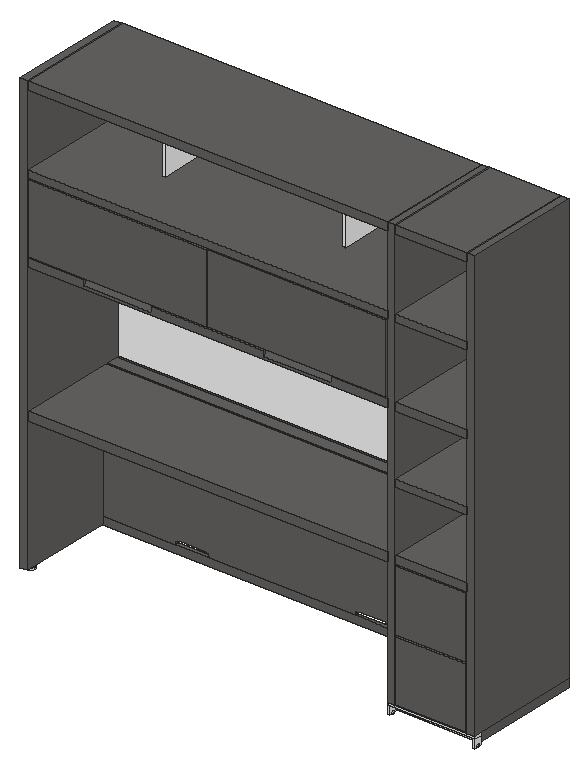
Revit family "Storage-Wall-Teknion-ZXRO_90_High_Without_Lights-R2011", category Furniture Systems, Revit 2013
Parameters (values of type "(See Type Catalog)")
  Working Wall Finish [instance] = Glass - Teknion - K6 - White Backpainted
  Width = 92.642"
  Warranty = "http://www.teknionstudio.com/pdfs/Teknion%20Studio%20Warranty.pdf"
  Wall Unit Finish [instance] = Veneer - Teknion - P7 - Grey Oak
  Unit Weight = 755.00 lbf
  URL = "www.teknionstudio.com"
  Storage Tower = Storage-Unit-Teknion-Tower : Upper Shelves & File/File Pedestal
  Series = "B&B Italia"
  Product Page URL = "http://www.teknionstudio.com/acexecutive/"
  Product Line = "AC Executive"
  Product Documentation Link = "http://www.teknionstudio.com/pricing/ac_executive_storage_walls_ppg.pdf"
  Part Number = "ZXRO"
  Model = ""
  Manufacturer Phone = "919-464-2920"
  Manufacturer Fax = "919-464-2927"
  Manufacturer Email = "customersupport@teknionstudio.com"
  Manufacturer Address = "3940 US 70 Business HWY West, Clayton, NC 27520"
  Manufacturer = "Teknion Studio"  # constant formula
  Low Emitting Material = yes
  Low Emitting Finish = yes
  Height = 90"
  Description = ""
  Depth = 24"
  Assembly Code = "E2020200"
Reference planes (in)
  plane 1 "Center F/B": y = 0
  plane 2: z = 0
  plane 3 "Center L/R": x = 0
  plane 4 "Left": x = -46.321
  plane 5 "Right": x = 46.321
  plane 6 "Back": y = 12
  plane 7 "Front": y = -12
  plane 8 "Top": z = 73.84375
  plane 9: x = 28.60446
  plane 10: z = 29.68402
  plane 11: z = 56.1289
  plane 12: x = -44.7815
  plane 13: z = 2.1289
  plane 14: x = -8.08858
  plane 15 "Foot Centerline": y = -11.2126
  plane 16 "Foot Centerline Front": y = -10.22835
  plane 17 "Foot Centerline Back": y = 10.22835
  plane 18: y = -8.484
  plane 19: z = 90
Forms (in)
  Sweep 1, solid, material "Veneer - Teknion - P7 - Grey Oak" <- "Wall Unit Finish"
    path origin (0, 0, 15.40683) x (-1, 0, 0) y (0, -1, 0)
      loop
        line (0, -12) -> (0, 12)
    profile origin (0, 0, 15.40683) x (1, 0, 0) y (0, 0, 1)
      loop
        line (-46.321, -14.81732) -> (-44.7815, -14.81732) -> (-44.7815, 74.59317) -> (-46.321, 74.59317) -> (-46.321, -14.81732)
  Sweep 2, solid, material "Veneer - Teknion - P7 - Grey Oak" <- "Wall Unit Finish"
    path origin (0, 0, 0) x (1, 0, 0) y (0, 0, 1)
      loop
        line (-44.7815, 29.68402) -> (28.60446, 29.68402)
    profile origin (-8.08852, 0, 29.68402) x (0, 0, 1) y (0, -1, 0)
      loop
        line (0, 12) -> (-1.7638, 12) -> (-1.7638, -7.11393) -> (-5.30827, -7.11393) -> (-5.30827, -7.08268) -> (-27.55512, -7.08268) -> (-27.55512, -7.11393) -> (-29.0945, -7.11393) -> (-29.0945, -7.80668) -> (-5.30828, -7.80668) -> (-5.30828, -12) -> (44.15973, -12) -> (44.15973, 12) -> (42.62003, 12) -> (42.62003, 11.2126) -> (27.98392, 11.2126) -> (27.98392, 12) -> (26.44488, 12) -> (26.44488, -10.94094) -> (0, -10.94094) -> (0, -10.90969) -> (-0.72441, -10.90969) -> (-0.72441, -10.56693) -> (0, -10.56693) -> (0, -8.05709) -> (-0.72441, -8.05709) -> (-0.72441, -7.80709) -> (0, -7.80709) -> (0, 12)
      loop
        line (60.31598, 12) -> (58.77661, 12) -> (58.77661, -12) -> (60.31598, -12) -> (60.31598, 12)
  Sweep 3, solid, material "Veneer - Teknion - P7 - Grey Oak" <- "Wall Unit Finish"
    path origin (0, 0, 15.40683) x (-1, 0, 0) y (0, -1, 0)
      loop
        line (0, 12) -> (0, 11.276)
    profile origin (0, -11.638, 15.40683) x (-1, 0, 0) y (0, 0, 1)
      loop
        line (44.5315, 42.54092) -> (44.5315, 56.64722) -> (8.21358, 56.64722) -> (8.21358, 42.54092) -> (44.5315, 42.54092)
      loop
        line (7.96358, 56.64722) -> (-28.35446, 56.64722) -> (-28.35446, 42.54092) -> (7.96358, 42.54092) -> (7.96358, 56.64722)
  Sweep 4, void
    path origin (0, 0, 0) x (1, 0, 0) y (0, 0, 1)
      loop
        line (-33.3248, 56.1289) -> (-19.54528, 56.1289)
    profile origin (-26.43504, 0, 56.1289) x (0, 0, 1) y (0, -1, 0)
      loop
        line (1.53937, 12) -> (0.43699, 12) -> (1.53937, 11.52755) -> (1.53937, 12)
  Sweep 5, void
    path origin (0, 0, 0) x (1, 0, 0) y (0, 0, 1)
      loop
        line (3.36811, 56.1289) -> (17.14764, 56.1289)
    profile origin (10.25787, 0, 56.1289) x (0, 0, 1) y (0, -1, 0)
      loop
        line (1.53937, 11.52755) -> (1.53937, 12) -> (0.43699, 12) -> (1.53937, 11.52755)
  Sweep 6, void
    path origin (0, 0, 15.40683) x (-1, 0, 0) y (0, -1, 0)
      loop
        line (0, -7.80668) -> (0, -7.08268)
    profile origin (0, 7.44468, 15.40683) x (1, 0, 0) y (0, 0, 1)
      loop
        line (13.68307, 8.96892) -> (6.79331, 8.96892) -> (6.79331, 8.10396)
        arc (6.79331, 8.10396) -> (7.02393, 7.54718) -> (7.58071, 7.31655) r 0.7874
        line (7.58071, 7.31655) -> (12.89567, 7.31655)
        arc (12.89567, 7.31655) -> (13.45245, 7.54718) -> (13.68307, 8.10396) r 0.7874
        line (13.68307, 8.10396) -> (13.68307, 8.96892)
      loop
        line (6.79331, -13.27793) -> (13.68307, -13.27793) -> (13.68307, -13.12045)
        arc (13.68307, -13.12045) -> (13.46398, -12.59152) -> (12.93504, -12.37242) r 0.74803
        line (12.93504, -12.37242) -> (7.54134, -12.37242)
        arc (7.54134, -12.37242) -> (7.0124, -12.59152) -> (6.79331, -13.12045) r 0.74803
        line (6.79331, -13.12045) -> (6.79331, -13.27793)
      loop
        line (-29.86024, 8.96892) -> (-29.86024, 8.10396)
        arc (-29.86024, 8.10396) -> (-29.62961, 7.54718) -> (-29.07283, 7.31655) r 0.7874
        line (-29.07283, 7.31655) -> (-23.75787, 7.31655)
        arc (-23.75787, 7.31655) -> (-23.2011, 7.54718) -> (-22.97047, 8.10396) r 0.7874
        line (-22.97047, 8.10396) -> (-22.97047, 8.96892) -> (-29.86024, 8.96892)
      loop
        line (-22.97047, -13.27793) -> (-22.97047, -13.12045)
        arc (-22.97047, -13.12045) -> (-23.18957, -12.59152) -> (-23.7185, -12.37242) r 0.74803
        line (-23.7185, -12.37242) -> (-29.1122, -12.37242)
        arc (-29.1122, -12.37242) -> (-29.64114, -12.59152) -> (-29.86024, -13.12045) r 0.74803
        line (-29.86024, -13.12045) -> (-29.86024, -13.27793) -> (-22.97047, -13.27793)
  Revolve 7, solid, material "Metal - Teknion - C6 - Chrome"
    sketch origin (0, -10.22835, 0) x (0, 0, 1) y (1, 0, 0)
      loop
        line (0, -45.55118) -> (0, -46.28917) -> (0.23622, -46.28917) -> (0.23622, -45.83352) -> (0.58951, -45.83352) -> (0.58951, -45.55118) -> (0, -45.55118)
      axis (0, -45.55118) -> (0.58951, -45.55118)
    angle from 0 to 360
  Revolve 8, solid, material "Metal - Teknion - C6 - Chrome"
    sketch origin (0, 10.22835, 0) x (0, 0, 1) y (1, 0, 0)
      loop
        line (0, -45.55118) -> (0, -46.28917) -> (0.23622, -46.28917) -> (0.23622, -45.83352) -> (0.58951, -45.83352) -> (0.58951, -45.55118) -> (0, -45.55118)
      axis (0, -45.55118) -> (0.58951, -45.55118)
    angle from 0 to 360
  Sweep 9, solid, material "Acrylic - Teknion - Clear"
    path origin (1.66728, 0, 16.32084) x (-1, 0, 0) y (0, -1, 0)
      loop
        line (1.66728, -11.25197) -> (1.66728, 0.16535)
    profile origin (0, 5.54331, 16.32084) x (1, 0, 0) y (0, 0, 1)
      loop
        line (-26.74557, 72.12961) -> (-26.74557, 57.52291) -> (-26.15108, 57.52291) -> (-26.15108, 72.12961) -> (-26.74557, 72.12961)
      loop
        line (9.97392, 72.12961) -> (9.97392, 57.52291) -> (10.56841, 57.52291) -> (10.56841, 72.12961) -> (9.97392, 72.12961)
Cuts and joins
  Sweep 4, Sweep 5, Sweep 6 cuts Sweep 2
Lines and regions (in)
  Masking region 1
    outline origin (0, 0, 15.40683) x (-1, 0, 0) y (0, -1, 0)
      loop
        line (46.321, -12) -> (46.321, 12) -> (-28.60446, 12) -> (-28.60446, -12) -> (46.321, -12)
  symbolic lines, style "Elevation Swing"
    curve 1: line (-44.7815, -12, 57.66827) -> (-26.43504, -12, 72.05405)
    curve 2: line (-8.08858, -12, 57.66832) -> (-26.43504, -12, 72.05405)
    curve 3: line (-8.08858, 0, 57.66832) -> (10.25794, 0, 72.22564)
    curve 4: line (10.25794, 0, 72.22564) -> (28.60446, 0, 57.66827)
  symbolic lines, detail levels medium+fine
    curve 5: line (-44.7815, 12, 15.40683) -> (-44.7815, -12, 15.40683)
  symbolic lines, style "FurnitureSystemsHiddenLines", detail levels fine
    curve 6: line (28.60446, -11.276, 15.40683) -> (-44.7815, -11.276, 15.40683)
Dimensions and locks (in)
  equal spacing: plane 4 "Left", plane 3 "Center L/R", plane 5 "Right"
  "Width": plane 4 "Left" to plane 5 "Right"
  equal spacing: plane 6 "Back", plane 1 "Center F/B", plane 7 "Front"
  "Depth": plane 6 "Back" to plane 7 "Front"
  locked: plane 9 to plane 5 "Right" at 17.71654
  locked: plane 10 to plane 2 at 29.68402
  locked: plane 11 to plane 10 at 26.44488
  locked: plane 13 to plane 2 at 2.1289
  locked: plane 7 "Front" to plane 15 "Foot Centerline" at 0.7874
  locked: plane 13 to Sweep 2 sketch curve at 1.53939
  locked: plane 10 to Sweep 2 sketch curve at 1.7638
  locked: Sweep 1 sketch curve to plane 2 at 0.58951
  locked: plane 14 to plane 3 "Center L/R" at 8.08858
  locked: plane 7 "Front" to Sweep 3 sketch curve at 0.724
  plane 8 "Top" to Sweep 3 sketch curve to Sweep 3 sketch curve = 1.7897", 14.1063"  (x2)
  Sweep 3 sketch curve to plane 3 "Center L/R" to Sweep 3 sketch curve to Sweep 3 sketch curve to Sweep 3 sketch curve = 28.35446", 7.96358", 1/4", 36.31791"
  Sweep 4 sketch curve to Sweep 4 sketch curve to plane 4 "Left" = 13.77953" locked, 12.9962" locked
  locked: Sweep 4 sketch curve to plane 11 at 1.53937
  locked: Sweep 4 sketch curve to plane 11 at 0.43699
  locked: plane 7 "Front" to Sweep 4 sketch curve at 0.47245
  Sweep 5 sketch curve to Sweep 5 sketch curve to plane 11 = 1.10238" locked, 0.43699" locked
  locked: plane 7 "Front" to Sweep 5 sketch curve at 0.47245
  locked: Sweep 6 sketch curve to plane 13 at 0.90551  (x2)
  Sweep 6 sketch curve to Sweep 6 sketch curve to plane 3 "Center L/R" = 6.88976" locked, 6.79331" locked  (x2)
  plane 10 to Sweep 6 sketch curve to Sweep 6 sketch curve = 5.30827" locked, 1 167/256" locked  (x2)
  plane 6 "Back" to Sweep 6 sketch curve to Sweep 6 sketch curve = 4.19332" locked, 0.724" locked
  locked: Revolve 7 sketch curve to plane 4 "Left" at 0.76982
  Revolve 7 sketch curve to Revolve 7 sketch curve to plane 2 = 0.35329" locked, 0.23622" locked
  locked: Revolve 7 sketch curve to plane 4 "Left" at 0.03183
  locked: Revolve 8 sketch curve to plane 4 "Left" at 0.76982
  Revolve 8 sketch curve to Revolve 8 sketch curve to plane 2 = 0.35329" locked, 0.23622" locked
  locked: Revolve 8 sketch curve to plane 4 "Left" at 0.03183
  equal spacing: plane 14, curve 2, plane 12
  equal spacing: plane 9, curve 4, plane 14
  locked: plane 7 "Front" to curve 6 at 0.724
  locked: plane 6 "Back" to plane 17 "Foot Centerline Back" at 1.77165
  locked: plane 7 "Front" to plane 16 "Foot Centerline Front" at 1.77165
  locked: plane 4 "Left" to plane 12 at 1.5395
  locked: plane 7 "Front" to plane 18 at 3.516
  locked: Sweep 6 sketch curve to Sweep 6 sketch curve at 6.88976  (x2)
  locked: Sweep 6 sketch curve to plane 3 "Center L/R" at 22.97047
  locked: plane 3 "Center L/R" to Sweep 6 sketch curve at 22.97047
  locked: plane 19 to plane 8 "Top" at 16.15625
  "Height": plane 19 to plane 2
  locked: Sweep 9 sketch curve to Sweep 9 sketch curve at 11.41732
  locked: Sweep 9 sketch curve to Sweep 9 sketch curve at 0.59449  (x2)
  locked: plane 6 "Back" to Sweep 9 sketch curve at 0.74803
  locked: Sweep 9 sketch curve to plane 14 at 18.0625
  equal spacing: Sweep 9 sketch curve, plane 14, Sweep 9 sketch curve
  locked: plane 19 to Sweep 2 sketch curve at 1.53937
  locked: plane 8 "Top" to Sweep 2 sketch curve at 1.5397
  locked: Sweep 2 sketch curve to plane 11 at 1.53904
  aligned and locked: level to plane 2
  aligned and locked: nested 1 to plane 5 "Right"
  aligned and locked: plane 6 "Back" to Sweep 1 sketch curve
  aligned and locked: plane 7 "Front" to Sweep 1 sketch curve
  aligned and locked: Sweep 1 sketch curve to plane 3 "Center L/R"
  aligned and locked: plane 4 "Left" to Sweep 1 sketch curve  (x2)
  aligned and locked: plane 12 to Sweep 2 sketch curve
  aligned and locked: plane 9 to Sweep 2 sketch curve
  aligned and locked: Sweep 2 sketch curve to plane 10  (x4)
  aligned and locked: Sweep 2 sketch curve to plane 7 "Front"
  aligned and locked: plane 6 "Back" to Sweep 2 sketch curve
  aligned and locked: plane 3 "Center L/R" to Sweep 3 sketch curve
  aligned and locked: plane 7 "Front" to Sweep 3 sketch curve
  aligned and locked: Sweep 2 sketch curve to plane 11
  aligned and locked: Sweep 4 sketch curve to plane 11
  aligned and locked: Sweep 5 sketch curve to plane 11
  aligned and locked: Sweep 5 sketch curve to plane 7 "Front"
  aligned and locked: Sweep 6 sketch curve to plane 3 "Center L/R"
  aligned and locked: Sweep 6 sketch curve to plane 13
  aligned and locked: plane 2 to Revolve 7 sketch curve
  aligned and locked: Revolve 8 sketch curve to plane 2
  aligned and locked: plane 12 to curve 1
  aligned and locked: plane 14 to curve 2
  aligned and locked: Sweep 3 to curve 2
  aligned and locked: plane 9 to curve 4
  aligned and locked: plane 14 to curve 3
  aligned and locked: Masking region 1 sketch curve to plane 6 "Back"
  aligned and locked: plane 4 "Left" to Masking region 1 sketch curve
  aligned and locked: Masking region 1 sketch curve to plane 7 "Front"
  aligned and locked: Masking region 1 sketch curve to nested 1
  aligned and locked: plane 6 "Back" to curve 5
  aligned and locked: plane 7 "Front" to curve 5
  aligned and locked: curve 5 to plane 12
  aligned and locked: plane 9 to curve 6
  aligned and locked: plane 7 "Front" to Sweep 4 sketch curve
  aligned and locked: Sweep 2 sketch curve to plane 8 "Top"
  aligned and locked: plane 15 "Foot Centerline" to Sweep 2 sketch curve
  aligned and locked: plane 7 "Front" to Sweep 2 sketch curve  (x3)
  aligned and locked: plane 2 to nested 1
  aligned and locked: plane 1 "Center F/B" to nested 1
  aligned and locked: plane 13 to Sweep 6 sketch curve
  aligned and locked: Sweep 9 sketch curve to plane 3 "Center L/R"
  aligned and locked: plane 8 "Top" to Sweep 9 sketch curve  (x2)
  aligned and locked: Sweep 2 sketch curve to plane 6 "Back"
  aligned and locked: plane 19 to Sweep 2 sketch curve
  aligned and locked: Sweep 1 sketch curve to plane 19
Automatic sketch dimensions
  Sweep 1 sketch curve to Sweep 1 sketch curve = 1.5395"
  plane 3 "Center L/R" to Sweep 5 sketch curve = 3.36811"
  Sweep 5 sketch curve to plane 9 = 11.45683"
  Revolve 7 sketch curve to level = 0"
  Revolve 7 sketch curve to Revolve 7 sketch curve = 0"  (x2)
  Revolve 7 sketch curve to Revolve 7 sketch curve = 0.28234"
  Revolve 8 sketch curve to level = 0"
  Revolve 8 sketch curve to Revolve 8 sketch curve = 0"  (x2)
  Revolve 8 sketch curve to Revolve 8 sketch curve = 0.28234"
  plane 11 to curve 2 = 1.53942"
  plane 11 to curve 1 = 1.53937"
  plane 11 to curve 4 = 1.53937"
  plane 11 to curve 3 = 1.53942"
  curve 3 to plane 8 "Top" = 1.61811"
  Sweep 6 sketch curve to Sweep 6 sketch curve = 0.7874"  (x4)
  Sweep 6 sketch curve to Sweep 6 sketch curve = 0.74803"  (x3)
  Sweep 6 sketch curve to Sweep 6 sketch curve = 0.15748"
  Sweep 9 sketch curve to Sweep 9 sketch curve = 14.60669"  (x2)
  Sweep 2 sketch curve to Sweep 2 sketch curve = 1.53939"
  Sweep 2 sketch curve to Sweep 2 sketch curve = 3.54449"
  Sweep 2 sketch curve to Sweep 2 sketch curve = 0"
  profile plane to Sweep 2 sketch curve = 0.72441"  (x2)
  Sweep 2 sketch curve to plane 1 "Center F/B" = 10.94094"
  Sweep 2 sketch curve to Sweep 2 sketch curve = 1/32"  (x2)
  Sweep 2 sketch curve to Sweep 2 sketch curve = 0.34277"
  Sweep 2 sketch curve to Sweep 2 sketch curve = 2.50984"
  Sweep 2 sketch curve to Sweep 2 sketch curve = 1/4"
  Sweep 2 sketch curve to Sweep 2 sketch curve = 4.19332"
  Sweep 2 sketch curve to Sweep 2 sketch curve = 0.69316"
  Sweep 2 sketch curve to Sweep 2 sketch curve = 0.69275"
Nested families (in)
  nested 1: "Storage-Unit-Teknion-Tower" at (37.46273, 0, 0), type <- "Storage Tower", Height <- "Height", type "Upper Shelves & File/File Pedestal"
    with Height 90", Has Top Shelf yes, Bottom Drawer Height 13.047"
Definition of nested family "Storage-Unit-Teknion-Tower"
  Parameters (values of type "Upper Wardrobe & Lower Door")
    Width = 17.71654"
    Warranty = "http://www.teknionstudio.com/pdfs/Teknion%20Studio%20Warranty.pdf"
    Wall Unit Finish = Veneer - Teknion - P8 - Light Brushed Oak
    URL = "www.teknionstudio.com"
    Series = "B&B Italia"
    Product Line = "AC Executive"
    Model = ""
    Middle Drawer Height = if(Has Top Drawer, 6.425", 12.719")  # 12.719"
    Manufacturer Phone = "919-464-2920"
    Manufacturer Fax = "919-464-2927"
    Manufacturer Email = "customersupport@teknionstudio.com"
    Manufacturer Address = "3940 US 70 Business HWY West, Clayton, NC 27520"
    Manufacturer = "Teknion Studio"  # constant formula
    Height [instance] = 73.81394"
    Has Top Shelf [instance] = and(Height > 75", Has Shelves)  # no
    Has Top Drawer = no
    Has Top Door = yes
    Has Shelves = no
    Has Right Leg = yes
    Has Middle Drawer = no
    Has Lower Shelf = yes
    Has Left Leg = yes
    Has Full Wardrobe Door = no
    Has Doors = yes
    Door Projection Symbol = yes
    Description = "Tower Storage Unit"
    Depth = 24"
    Bottom Drawer Height [instance] = if(Has Middle Drawer, 13.047", if(Has Top Drawer, 13.047", if(Has Full Wardrobe Door, (Height - 3.668"), 26.016")))  # 26.016"
    Assembly Code = "E2010200"
  Types (7): name | Wall Unit Finish | Series | Product Line | Middle Drawer Height | Has Top Drawer | Has Top Door | Has Shelves | Has Middle Drawer | Has Lower Shelf | Has Full Wardrobe Door | Has Doors | Door Projection Symbol | Bottom Drawer Height
    Upper Shelves & Lower Door | none | "AC Executive" | "" | 12.719" | no | no | yes | no | yes | no | yes | yes | 26.016"
    Upper Shelves & File/File Pedestal | none | "AC Executive" | "" | 12.719" | no | no | yes | yes | yes | no | no | no | 13.047"
    Upper Shelves & Box/Box/File Pedestal | Veneer - Teknion - P8 - Light Brushed Oak | "AC Executive" | "" | 6.425" | yes | no | yes | yes | yes | yes | no | no | 13.047"
    Full Wardrobe | none | "AC Executive" | "" | 12.719" | no | no | no | no | no | yes | yes | yes | 70.14594"
    Upper Wardrobe & Lower Door | Veneer - Teknion - P8 - Light Brushed Oak | "B&B Italia" | "AC Executive" | 12.719" | no | yes | no | no | yes | no | yes | yes | 26.016"
    Upper Wardrobe & File/File Pedestal | none | "AC Executive" | "" | 12.719" | no | yes | no | yes | yes | no | no | yes | 13.047"
    Upper Wardrobe & Box/Box/File Pedestal | none | "AC Executive" | "" | 6.425" | yes | yes | no | yes | yes | no | no | yes | 13.047"
  Reference planes (in)
    plane 1 "Center F/B": y = 0
    plane 2: z = 0
    plane 3 "Center L/R": x = 0
    plane 4 "Left": x = -8.85827
    plane 5 "Right": x = 8.85827
    plane 6 "Back": y = 12
    plane 7 "Front": y = -12
    plane 8 "Top": z = 73.81394
    plane 9: x = -7.3189
    plane 10: x = 7.3189
    plane 11: z = 2.1289
    plane 12 "Foot Centerline": y = -11.2126
    plane 13: z = 29.68402
    plane 14 "Drawer 1 Top": z = 28.1449
    plane 15 "Drawer 2 Top": z = 40.8639
    plane 16 "Drawer 3 Top": z = 27.89502
    plane 17: z = 42.13677
  Forms (in)
    Sweep 1, solid, material "Metal - Teknion - C6 - Chrome", visible <- "Has Left Leg"
      path origin (0, -12, 0) x (1, 0, 0) y (0, 0, 1)
        loop
          line (-8.85827, 1.7349) -> (-8.85827, 0.05803)
      profile origin (-8.85827, -12, 0.89646) x (0, -1, 0) y (1, 0, 0)
        loop
          line (-1.5748, 0) -> (0, 0) -> (0, 0.394) -> (-1.5748, 0.394) -> (-1.5748, 0)
    Sweep 2, solid, material "Metal - Teknion - C6 - Chrome"
      path origin (0, -12, 0) x (1, 0, 0) y (0, 0, 1)
        loop
          line (-8.46427, 2.1289) -> (8.46427, 2.1289)
      profile origin (0, -12, 2.1289) x (0, 0, 1) y (0, -1, 0)
        loop
          line (-0.394, -1.5748) -> (-0.394, -1.3778) -> (-1.575, -1.3778) -> (-1.575, -1.5748) -> (-0.394, -1.5748)
    Revolve 3, solid, material "Metal - Teknion - C6 - Chrome"
      sketch origin (0, -11.2126, 0) x (0, 0, -1) y (1, 0, 0)
        loop
          line (-0.4911, 8.32677) -> (-0.45173, 8.2874) -> (-0.28492, 8.2874) -> (-0.24555, 8.32677) -> (-0.20618, 8.2874) -> (-0.03937, 8.2874) -> (0, 8.32677) -> (0, 8.66142) -> (-0.4911, 8.66142) -> (-0.4911, 8.32677)
        axis (0, 8.66142) -> (-0.4911, 8.66142)
      angle from 0 to 360
    Revolve 4, solid, material "Metal - Teknion - C6 - Chrome", visible <- "Has Left Leg"
      sketch origin (0, -11.2126, 0) x (0, 0, -1) y (1, 0, 0)
        loop
          line (0, -8.99606) -> (0, -8.66142) -> (-0.4911, -8.66142) -> (-0.4911, -8.99606) -> (-0.45173, -9.03543) -> (-0.28492, -9.03543) -> (-0.24555, -8.99606) -> (-0.20618, -9.03543) -> (-0.03937, -9.03543) -> (0, -8.99606)
        axis (0, -8.66142) -> (-0.4911, -8.66142)
      angle from 0 to 360
    Sweep 5, solid, material "Veneer - Teknion - P8 - Light Brushed Oak" <- "Wall Unit Finish"
      path origin (0, 0, 0) x (1, 0, 0) y (0, 0, 1)
        loop
          line (0, 2.1289) -> (0, 73.81394)
      profile origin (0, 0, 37.97142) x (-1, 0, 0) y (0, -1, 0)
        loop
          line (8.85827, -12) -> (8.85827, 12) -> (7.3189, 12) -> (7.3189, -12) -> (8.85827, -12)
        loop
          line (-7.3189, 12) -> (-8.85827, 12) -> (-8.85827, -12) -> (-7.3189, -12) -> (-7.3189, 12)
    Sweep 6, solid, material "Veneer - Teknion - P8 - Light Brushed Oak" <- "Wall Unit Finish"
      path origin (0, 0, 15.40683) x (-1, 0, 0) y (0, -1, 0)
        loop
          line (0, -12) -> (0, 12)
      profile origin (0, 0, 15.40683) x (1, 0, 0) y (0, 0, 1)
        loop
          line (-7.3189, 58.4071) -> (-7.3189, 56.86773) -> (7.3189, 56.86773) -> (7.3189, 58.4071) -> (-7.3189, 58.4071)
    Sweep 7, solid, material "Veneer - Teknion - P8 - Light Brushed Oak" <- "Wall Unit Finish"
      path origin (0, -12, 0) x (1, 0, 0) y (0, 0, 1)
        loop
          line (0, 2.1289) -> (0, 72.27457)
      profile origin (0, -12, 37.20173) x (-1, 0, 0) y (0, -1, 0)
        loop
          line (7.3189, -24) -> (7.3189, -23.25) -> (-7.3189, -23.25) -> (-7.3189, -24) -> (7.3189, -24)
    Sweep 8, solid, material "Veneer - Teknion - P8 - Light Brushed Oak" <- "Wall Unit Finish", visible <- "Has Lower Shelf"
      path origin (0, -12, 0) x (1, 0, 0) y (0, 0, 1)
        loop
          line (-7.3189, 29.68402) -> (7.3189, 29.68402)
      profile origin (0, -12, 29.68402) x (0, 0, 1) y (0, -1, 0)
        loop
          line (0, 0) -> (-1.539, 0) -> (-1.539, -0.724) -> (-27.55512, -0.724) -> (-27.55512, -23.25) -> (0, -23.25) -> (0, 0)
    Sweep 9, solid, material "Veneer - Teknion - P8 - Light Brushed Oak" <- "Wall Unit Finish"
      path origin (0, -12, 0) x (1, 0, 0) y (0, 0, 1)
        loop
          line (0, 2.3789) -> (0, 27.8949)
      profile origin (0, -12, 15.1369) x (-1, 0, 0) y (0, -1, 0)
        loop
          line (7.0689, -0.724) -> (7.0689, 0) -> (-7.0689, 0) -> (-7.0689, -0.724) -> (7.0689, -0.724)
    Sweep 10, solid, material "Veneer - Teknion - P8 - Light Brushed Oak" <- "Wall Unit Finish", visible <- "Has Middle Drawer"
      path origin (0, -12, 0) x (1, 0, 0) y (0, 0, 1)
        loop
          line (0, 28.1449) -> (0, 40.8639)
      profile origin (0, -12, 34.5044) x (-1, 0, 0) y (0, -1, 0)
        loop
          line (7.0689, -0.724) -> (7.0689, 0) -> (-7.0689, 0) -> (-7.0689, -0.724) -> (7.0689, -0.724)
    Sweep 11, solid, material "Veneer - Teknion - P8 - Light Brushed Oak" <- "Wall Unit Finish", visible <- "Has Top Drawer"
      path origin (0, -12, 0) x (1, 0, 0) y (0, 0, 1)
        loop
          line (0, 47.15802) -> (0, 41.1139)
      profile origin (0, -12, 44.13596) x (0, -1, 0) y (1, 0, 0)
        loop
          line (0, 7.0689) -> (-0.724, 7.0689) -> (-0.724, -7.0689) -> (0, -7.0689) -> (0, 7.0689)
    Sweep 12, solid, material "Veneer - Teknion - P8 - Light Brushed Oak" <- "Wall Unit Finish", visible <- "Has Shelves"
      path origin (0, -12, 0) x (1, 0, 0) y (0, 0, 1)
        loop
          line (0, 42.13677) -> (0, 43.67614)
      profile origin (0, -12, 42.90646) x (-1, 0, 0) y (0, -1, 0)
        loop
          line (7.3189, -23.25) -> (7.3189, 0) -> (-7.3189, 0) -> (-7.3189, -23.25) -> (7.3189, -23.25)
    Sweep 13, solid, material "Veneer - Teknion - P8 - Light Brushed Oak" <- "Wall Unit Finish", visible <- "Has Shelves"
      path origin (0, -12, 13.9918) x (1, 0, 0) y (0, 0, 1)
        loop
          line (0, 42.13677) -> (0, 43.67614)
      profile origin (0, -12, 56.89825) x (-1, 0, 0) y (0, -1, 0)
        loop
          line (7.3189, -23.25) -> (7.3189, 0) -> (-7.3189, 0) -> (-7.3189, -23.25) -> (7.3189, -23.25)
    Sweep 14, solid, material "Veneer - Teknion - P8 - Light Brushed Oak" <- "Wall Unit Finish", visible <- "Has Top Door"
      path origin (0, -12, 0) x (1, 0, 0) y (0, 0, 1)
        loop
          line (0, 29.93402) -> (0, 72.02457)
      profile origin (0, -12, 50.97929) x (-1, 0, 0) y (0, -1, 0)
        loop
          line (7.0689, -0.724) -> (7.0689, 0) -> (-7.0689, 0) -> (-7.0689, -0.724) -> (7.0689, -0.724)
    Sweep 15, solid, material "Veneer - Teknion - P8 - Light Brushed Oak" <- "Wall Unit Finish"
      path origin (0, -12, 0) x (1, 0, 0) y (0, 0, 1)
        loop
          line (-8.85827, 2.1289) -> (8.85827, 2.1289)
      profile origin (0, -12, 2.1289) x (0, 0, 1) y (0, -1, 0)
        loop
          line (0, -1.5748) -> (-1.53937, -1.5748) -> (-1.53937, -24) -> (0, -24) -> (0, -1.5748)
    Sweep 16, solid, material "Veneer - Teknion - P8 - Light Brushed Oak" <- "Wall Unit Finish", visible <- "Has Top Shelf"
      path origin (0, 0, 0) x (1, 0, 0) y (0, 0, 1)
        loop
          line (0, 73.81394) -> (0, 72.27457)
      profile origin (0, 0, 73.04425) x (0, -1, 0) y (1, 0, 0)
        loop
          line (-11.25, -7.3189) -> (12, -7.3189) -> (12, 7.3189) -> (-11.25, 7.3189) -> (-11.25, -7.3189)
    Sweep 17, solid, material "Metal - Teknion - C6 - Chrome"
      path origin (0, 0, 0) x (1, 0, 0) y (0, 0, 1)
        loop
          line (-8.85827, 2.1289) -> (8.85827, 2.1289)
      profile origin (0, 0, 2.1289) x (0, 0, 1) y (0, -1, 0)
        loop
          line (0, 10.4252) -> (0, 12) -> (-0.394, 12) -> (-0.394, 10.4252) -> (0, 10.4252)
    Sweep 18, solid, material "Metal - Teknion - C6 - Chrome"
      path origin (0, 0, 0) x (1, 0, 0) y (0, 0, 1)
        loop
          line (8.85827, 1.7349) -> (8.85827, 0.05803)
      profile origin (8.85827, 0, 0.89646) x (0, -1, 0) y (1, 0, 0)
        loop
          line (10.4252, -0.394) -> (12, -0.394) -> (12, 0) -> (10.4252, 0) -> (10.4252, -0.394)
  Lines and regions (in)
    Masking region 1
      outline origin (0, 0, 15.40683) x (-1, 0, 0) y (0, -1, 0)
        loop
          line (8.85827, -12) -> (8.85827, 12) -> (-8.85827, 12) -> (-8.85827, -12) -> (8.85827, -12)
    symbolic lines, style "FurnitureSystems", detail levels medium+fine
      curve 1: line (-7.3189, 12, 15.40683) -> (-7.3189, -12, 15.40683)
      curve 2: line (7.3189, 12, 15.40683) -> (7.3189, -12, 15.40683)
    symbolic lines, style "FurnitureSystemsHiddenLines", detail levels fine
      curve 3: line (-7.3189, -11.276, 15.40683) -> (7.3189, -11.276, 15.40683)
    symbolic lines, style "Elevation Swing", visible <- "Has Doors"
      curve 4: line (-7.3189, -12, 2.1289) -> (7.3189, -12, 15.1369)
      curve 5: line (7.3189, -12, 15.1369) -> (-7.3189, -12, 28.1449)
    symbolic lines, style "Elevation Swing", visible <- "Has Top Door"
      curve 6: line (-7.3189, -12, 29.68402) -> (7.3189, -12, 50.97929)
      curve 7: line (7.3189, -12, 50.97929) -> (-7.3189, -12, 72.27457)
    symbolic lines, style "FurnitureSystems", visible <- "Door Projection Symbol"
      curve 8: arc (-7.3189, -12, 0) -> (-3.03159, -22.35048, 0) -> (7.3189, -26.6378, 0) r 14.6378
    symbolic lines, visible <- "Door Projection Symbol"
      curve 9: line (7.3189, -12, 15.40683) -> (7.3189, -26.6378, 15.40683)
  Dimensions and locks (in)
    equal spacing: plane 4 "Left", plane 3 "Center L/R", plane 5 "Right"
    "Width": plane 4 "Left" to plane 5 "Right"
    equal spacing: plane 6 "Back", plane 1 "Center F/B", plane 7 "Front"
    "Depth": plane 6 "Back" to plane 7 "Front"
    locked: plane 4 "Left" to plane 9 at 1.53937
    locked: plane 10 to plane 5 "Right" at 1.53937
    "Height": plane 8 "Top" to level
    locked: Sweep 1 sketch curve to level at 0.05803
    locked: plane 11 to plane 2 at 2.1289
    plane 11 to Sweep 2 sketch curve to Sweep 2 sketch curve = 0.394" locked, 1.181" locked
    plane 7 "Front" to Sweep 2 sketch curve to Sweep 2 sketch curve = 1.3778" locked, 0.197" locked
    locked: Revolve 3 sketch curve to plane 2 at 0.4911  (x2)
    locked: plane 5 "Right" to Revolve 3 sketch curve at 0.57087
    locked: plane 7 "Front" to plane 12 "Foot Centerline" at 0.7874
    Revolve 3 sketch curve to Revolve 3 sketch curve to Revolve 3 sketch curve to Revolve 3 sketch curve to plane 2 = 0.16681" locked, 0.07874" locked, 0.16681" locked, 0.03937" locked
    locked: Revolve 4 sketch curve to plane 2 at 0.4911  (x2)
    locked: Revolve 4 sketch curve to Revolve 4 sketch curve at 0.37402
    Revolve 4 sketch curve to Revolve 4 sketch curve to Revolve 4 sketch curve to Revolve 4 sketch curve to plane 2 = 0.16681" locked, 0.07874" locked, 0.16681" locked, 0.03937" locked
    locked: Revolve 4 sketch curve to plane 4 "Left" at 0.19685
    locked: plane 8 "Top" to Sweep 6 sketch curve at 1.53937
    locked: plane 8 "Top" to Sweep 7 sketch curve at 1.53937
    locked: plane 6 "Back" to Sweep 7 sketch curve at 0.75
    locked: plane 13 to plane 2 at 29.68402
    locked: plane 7 "Front" to Sweep 8 sketch curve at 0.724
    locked: plane 13 to Sweep 8 sketch curve at 1.539
    locked: plane 13 to plane 16 "Drawer 3 Top" at 1.789
    "Bottom Drawer Height": plane 14 "Drawer 1 Top" to plane 11
    "Middle Drawer Height": plane 15 "Drawer 2 Top" to plane 14 "Drawer 1 Top"
    locked: plane 14 "Drawer 1 Top" to Sweep 9 sketch curve at 0.25
    locked: plane 7 "Front" to Sweep 9 sketch curve at 0.724
    locked: Sweep 10 sketch curve to plane 12 "Foot Centerline" at 0.0634
    locked: plane 7 "Front" to Sweep 11 sketch curve at 0.724
    locked: plane 17 to plane 13 at 12.45276
    group 1 to group 2 = 0"  (x2)
    group 1 to group 2 = 13.9918"
    locked: Sweep 13 to plane 17 at 13.9918
    locked: plane 8 "Top" to Sweep 14 sketch curve at 1.78937
    locked: Sweep 14 sketch curve to plane 13 at 0.25
    locked: plane 7 "Front" to Sweep 14 sketch curve at 0.724
    locked: plane 11 to Sweep 15 sketch curve at 1.53937
    locked: plane 7 "Front" to Sweep 15 sketch curve at 1.5748
    equal spacing: Sweep 6, curve 7, plane 13
    equal spacing: plane 14 "Drawer 1 Top", curve 5, plane 11
    locked: plane 6 "Back" to Sweep 16 sketch curve at 0.75
    Sweep 16 sketch curve to Sweep 16 sketch curve to plane 2 = 1.53937" locked, 72.27457" locked
    locked: Sweep 9 sketch curve to plane 11 at 0.25
    locked: plane 9 to Sweep 9 sketch curve at 0.25
    locked: Sweep 9 sketch curve to plane 10 at 0.25
    locked: Sweep 11 sketch curve to plane 15 "Drawer 2 Top" at 0.25
    locked: plane 9 to Sweep 11 sketch curve at 0.25
    locked: Sweep 11 sketch curve to plane 10 at 0.25
    locked: Sweep 10 sketch curve to plane 10 at 0.25
    locked: plane 9 to Sweep 10 sketch curve at 0.25
    locked: Sweep 11 sketch curve to Sweep 11 sketch curve at 6.04412
    locked: Sweep 14 sketch curve to plane 10 at 0.25
    locked: plane 9 to Sweep 14 sketch curve at 0.25
    locked: plane 4 "Left" to Sweep 1 sketch curve at 0.394
    locked: plane 7 "Front" to Sweep 1 sketch curve at 1.5748
    locked: plane 11 to Sweep 1 sketch curve at 0.394
    locked: Sweep 17 sketch curve to plane 7 "Front" at 1.5748
    locked: plane 11 to Sweep 17 sketch curve at 0.394
    locked: Sweep 18 sketch curve to plane 2 at 0.05803
    locked: Sweep 18 sketch curve to plane 5 "Right" at 0.394
    locked: plane 7 "Front" to Sweep 18 sketch curve at 1.5748
    locked: plane 11 to Sweep 18 sketch curve at 0.394
    locked: plane 5 "Right" to Sweep 2 sketch curve at 0.394
    locked: Sweep 2 sketch curve to plane 4 "Left" at 0.394
    aligned and locked: level to plane 2
    aligned and locked: Sweep 1 sketch curve to plane 4 "Left"
    aligned and locked: Sweep 2 sketch curve to plane 11
    aligned and locked: plane 2 to Revolve 3 sketch curve
    aligned and locked: Revolve 3 sketch curve to plane 2
    aligned and locked: plane 2 to Revolve 4 sketch curve
    aligned and locked: Revolve 4 sketch curve to plane 2
    aligned and locked: plane 8 "Top" to Sweep 5 sketch curve
    aligned and locked: plane 11 to Sweep 5 sketch curve
    aligned and locked: plane 3 "Center L/R" to Sweep 5 sketch curve
    aligned and locked: Sweep 5 sketch curve to plane 6 "Back"
    aligned and locked: plane 6 "Back" to Sweep 5 sketch curve
    aligned and locked: Sweep 5 sketch curve to plane 10
    aligned and locked: plane 5 "Right" to Sweep 5 sketch curve
    aligned and locked: Sweep 5 sketch curve to plane 9
    aligned and locked: plane 4 "Left" to Sweep 5 sketch curve
    aligned and locked: Sweep 5 sketch curve to plane 7 "Front"
    aligned and locked: plane 7 "Front" to Sweep 5 sketch curve
    aligned and locked: plane 6 "Back" to Sweep 6 sketch curve
    aligned and locked: plane 7 "Front" to Sweep 6 sketch curve
    aligned and locked: Sweep 6 sketch curve to plane 3 "Center L/R"
    aligned and locked: plane 9 to Sweep 6 sketch curve
    aligned and locked: Sweep 6 sketch curve to plane 8 "Top"
    aligned and locked: Sweep 6 sketch curve to plane 10
    aligned and locked: plane 11 to Sweep 7 sketch curve
    aligned and locked: plane 3 "Center L/R" to Sweep 7 sketch curve
    aligned and locked: plane 9 to Sweep 7 sketch curve
    aligned and locked: Sweep 7 sketch curve to plane 10
    aligned and locked: Sweep 7 sketch curve to plane 6 "Back"
    aligned and locked: plane 9 to Sweep 8 sketch curve
    aligned and locked: plane 10 to Sweep 8 sketch curve
    aligned and locked: Sweep 8 sketch curve to plane 13  (x2)
    aligned and locked: plane 7 "Front" to Sweep 8 sketch curve
    aligned and locked: Sweep 8 sketch curve to plane 11
    aligned and locked: plane 3 "Center L/R" to Sweep 9 sketch curve
    aligned and locked: Sweep 9 sketch curve to plane 7 "Front"
    aligned and locked: plane 15 "Drawer 2 Top" to Sweep 10 sketch curve
    aligned and locked: plane 14 "Drawer 1 Top" to Sweep 10 sketch curve
    aligned and locked: plane 3 "Center L/R" to Sweep 10 sketch curve
    aligned and locked: plane 7 "Front" to Sweep 10 sketch curve
    aligned and locked: Sweep 11 sketch curve to plane 3 "Center L/R"
    aligned and locked: Sweep 11 sketch curve to plane 7 "Front"
    aligned and locked: Sweep 13 to plane 9
    aligned and locked: plane 3 "Center L/R" to Sweep 14 sketch curve
    aligned and locked: Sweep 14 sketch curve to plane 7 "Front"
    aligned and locked: plane 4 "Left" to Sweep 15 sketch curve
    aligned and locked: plane 5 "Right" to Sweep 15 sketch curve
    aligned and locked: Sweep 15 sketch curve to plane 11  (x2)
    aligned and locked: Sweep 15 sketch curve to plane 6 "Back"
    aligned and locked: plane 4 "Left" to Masking region 1 sketch curve
    aligned and locked: Masking region 1 sketch curve to plane 6 "Back"
    aligned and locked: Masking region 1 sketch curve to plane 5 "Right"
    aligned and locked: Masking region 1 sketch curve to plane 7 "Front"
    aligned and locked: plane 6 "Back" to curve 1
    aligned and locked: curve 1 to plane 9
    aligned and locked: plane 7 "Front" to curve 2
    aligned and locked: plane 6 "Back" to curve 2
    aligned and locked: curve 2 to plane 10
    aligned and locked: plane 9 to curve 3
    aligned and locked: plane 10 to curve 3
    aligned and locked: curve 3 to Sweep 14
    aligned and locked: plane 11 to curve 4
    aligned and locked: plane 9 to curve 4
    aligned and locked: plane 10 to curve 5
    aligned and locked: plane 9 to curve 5
    aligned and locked: plane 14 "Drawer 1 Top" to curve 5
    aligned and locked: plane 13 to curve 6
    aligned and locked: plane 9 to curve 6
    aligned and locked: plane 9 to curve 7
    aligned and locked: curve 7 to Sweep 6
    aligned and locked: plane 7 "Front" to curve 8
    aligned and locked: curve 8 to plane 10
    aligned and locked: Sweep 16 sketch curve to plane 3 "Center L/R"
    aligned and locked: plane 9 to Sweep 16 sketch curve
    aligned and locked: Sweep 16 sketch curve to plane 10
    aligned and locked: Sweep 16 sketch curve to plane 7 "Front"
    aligned and locked: plane 4 "Left" to Sweep 17 sketch curve
    aligned and locked: plane 5 "Right" to Sweep 17 sketch curve
    aligned and locked: Sweep 17 sketch curve to plane 11  (x2)
    aligned and locked: Sweep 17 sketch curve to plane 7 "Front"
    aligned and locked: Sweep 18 sketch curve to plane 5 "Right"  (x2)
    aligned and locked: Sweep 18 sketch curve to plane 7 "Front"
  Automatic sketch dimensions
    Revolve 3 sketch curve to Revolve 3 sketch curve = 0.03937"  (x3)
    Revolve 3 sketch curve to Revolve 3 sketch curve = 0"  (x2)
    Revolve 3 sketch curve to plane 5 "Right" = 0.19685"
    Revolve 4 sketch curve to Revolve 4 sketch curve = 0.03937"  (x3)
    Revolve 4 sketch curve to Revolve 4 sketch curve = 0"  (x2)
    Sweep 12 sketch curve to Sweep 12 sketch curve = 1.53937"
    profile plane to Sweep 12 sketch curve = 0"
    profile plane to Sweep 12 sketch curve = 7.3189"
    Sweep 12 sketch curve to profile plane = 7.3189"
    Sweep 12 sketch curve to profile plane = 23 1/4"
    Sweep 13 sketch curve to Sweep 13 sketch curve = 1.53937"
    profile plane to Sweep 13 sketch curve = 0"
    profile plane to Sweep 13 sketch curve = 7.3189"
    Sweep 13 sketch curve to profile plane = 7.3189"
    Sweep 13 sketch curve to profile plane = 23 1/4"
    Sweep 8 sketch curve to Sweep 8 sketch curve = 22.526"
    curve 7 to plane 10 = 0"
    curve 8 to plane 9 = 0"
    plane 7 "Front" to curve 1 = 0"
    plane 7 "Front" to curve 9 = 14.6378"
    Sweep 1 sketch curve to profile plane = 0"
    plane 7 "Front" to Sweep 1 sketch curve = 0"
